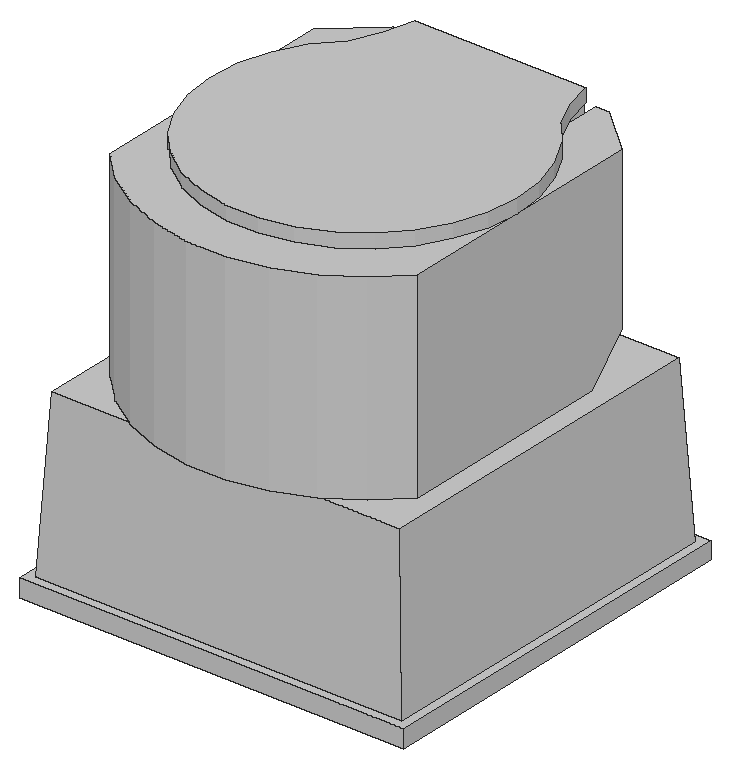
Revit family "LBLE5_SERIE IRON LEGO 05", category Luminarias, Revit 2019
Family settings
  Cota de conector redondo = Diámetro de uso
  Tipo de pieza = Normal
  Se basa en plano de trabajo = Sí
  Siempre vertical = Sí
  Corte con vacíos al cargar = No
  Origen de luz = Sí
  Compartido = No
  Punto de cálculo de habitación = No
Parameters (values of type "IRON LEGO 05_LBLE5 W12W24BCN1F3RG")
  Ángulo de inclinación = 60.00°
  Ángulo de enfoque = 24.00°
  Ángulo de campo de foco = 24.00°
  Zone [instance] = ""
  Watt per fixture = 12
  Wattage = 12 W
  built-in parameter 1150107 = 3000 (stored number, unit not read)
  built-in parameter 1150110 = 1 (stored number, unit not read)
  built-in parameter 1150109 = 1 (stored number, unit not read)
  built-in parameter 1150112 = 1 (stored number, unit not read)
  built-in parameter 1150113 = 1 (stored number, unit not read)
  built-in parameter 1114218 = 1 (stored number, unit not read)
  Keynote = ""
  built-in parameter 1150137 = (empty or 0)
  built-in parameter 1150132 = (empty or 0)
  Modelo = "LBLE5 W12W24BCN1F3RG"
  Lámpara = "Osram"
  Longitud de símbolo de origen de luz = 500 mm
  built-in parameter 1150105 = 11749.7 (stored number, unit not read)
  built-in parameter 1150102 = (empty or 0)
  built-in parameter 1150106 = 117.5 (stored number, unit not read)
  Lumens = 1165.2 lm
  Color Filter = 16777215
  built-in parameter 1114217 = 1 (stored number, unit not read)
  built-in parameter 1150139 = (empty or 0)
  Fabricante = "BRILLANT"
  Default Elevation = 1219.2 mm
  built-in parameter 1150104 = 9.0209 (stored number, unit not read)
  Descripción = "LUMINARIA TIPO CUADRANGULAR CON UN CORTE EXTERNO DE 75X75MM, PARA EMPOTRAR EN TECHO CON INSTALACION ESTANDAR CON 86MM DE LADO POR 85MM DE HOUSING, CUERPO Y ANILLO EN COLOR BLANCO, IP 20 USO PARA INTERIORES, CUENTA CON 1 LED TIPO OSRAM CON UNA POTENCIA TOTAL DE 12W, A UNA TEMPERATURA EN BLANCO CALIDO 3000K, IRC 90, APERTURA A 24 GRADOS, CON LENTE PARA UNA LUZ SUAVE, ALIMENTADA A 100-240V."
  built-in parameter 1150115 = 1 (stored number, unit not read)
  built-in parameter 1150114 = 1 (stored number, unit not read)
  Comentarios de vataje = "100-240V"
  built-in parameter 1150138 = (empty or 0)
  built-in parameter 1150134 = (empty or 0)
  Circuit [instance] = ""
  Dimming Lamp Color Temperature Shift = (empty or 0)
  Ancho = 86 mm
  Altura = 84.869 mm
  built-in parameter 1150133 = 10 (stored number, unit not read)
Reference planes
  plane 1 "Centro (Frontal/Posterior)": y = 0
  plane 2: z = 0
  plane 3 "Centro (Izquierda/Derecha)": x = 0
Forms (mm)
  Extrusion 1, solid, material "Acero Inoxidable"
    sketch origin (0, 0, 0) x (1, 0, 0) y (0, 1, 0)
      loop
        arc (-34.533, -28.497) -> (0, -44.729) -> (34.533, -28.497) r 44.849
        line (34.533, -28.497) -> (34.533, 28.735) -> (24.213, 37.87) -> (-24.213, 37.87) -> (-34.533, 28.735) -> (-34.533, -28.497)
    from 37.015 to 81.821
  Extrusion 2, void
    sketch origin (0, 0, 0) x (1, 0, 0) y (0, 1, 0)
      loop
        line (-21.273, 41.327) -> (-21.273, 16.327) -> (-18.727, 16.327) -> (-18.727, 41.327) -> (-21.273, 41.327)
      loop
        line (-16.273, 41.327) -> (-16.273, 16.327) -> (-13.727, 16.327) -> (-13.727, 41.327) -> (-16.273, 41.327)
      loop
        line (-11.273, 41.327) -> (-11.273, 16.327) -> (-8.727, 16.327) -> (-8.727, 41.327) -> (-11.273, 41.327)
      loop
        line (-6.273, 41.327) -> (-6.273, 16.327) -> (-3.727, 16.327) -> (-3.727, 41.327) -> (-6.273, 41.327)
      loop
        line (-1.273, 41.327) -> (-1.273, 16.327) -> (1.273, 16.327) -> (1.273, 41.327) -> (-1.273, 41.327)
      loop
        line (21.273, 41.327) -> (18.727, 41.327) -> (18.727, 16.327) -> (21.273, 16.327) -> (21.273, 41.327)
      loop
        line (16.273, 41.327) -> (13.727, 41.327) -> (13.727, 16.327) -> (16.273, 16.327) -> (16.273, 41.327)
      loop
        line (11.273, 41.327) -> (8.727, 41.327) -> (8.727, 16.327) -> (11.273, 16.327) -> (11.273, 41.327)
      loop
        line (6.273, 41.327) -> (3.727, 41.327) -> (3.727, 16.327) -> (6.273, 16.327) -> (6.273, 41.327)
    from 59.191 to 84.869
  Extrusion 3, solid, material "Acero Inoxidable"
    sketch origin (0, 0, 0) x (1, 0, 0) y (0, 1, 0)
      loop
        arc (-16.93, 17.939) -> (0, -24.666) -> (16.93, 17.939) r 24.666
        arc (16.93, 17.939) -> (14.891, 22.362) -> (13.696, 27.084) r 26.516
        line (13.696, 27.084) -> (-13.696, 27.084)
        arc (-13.696, 27.084) -> (-14.891, 22.362) -> (-16.93, 17.939) r 26.516
    from 72.467 to 75.294
  Extrusion 4, void
    sketch origin (0, -10.625, -14.805) x (0, 1, 0) y (0, 0, 1)
      loop
        line (67.643, 90.525) -> (31.026, 51.82) -> (67.643, 51.82) -> (67.643, 90.525)
    from -37.804 to 37.804
  Extrusion 5, solid, material "Acero Inoxidable"
    sketch origin (0, 0, 0) x (1, 0, 0) y (0, 1, 0)
      loop
        line (-29.191, 16.014) -> (-29.191, 1.379) -> (29.191, 1.379) -> (29.191, 16.014)
        arc (29.191, 16.014) -> (0, 33.528) -> (-29.191, 16.014) r 33.083
    from 37.015 to 65.724
  Revolve 6, solid, material "Acero Inoxidable", not visible
    sketch origin (0, 0, 0) x (1, 0, 0) y (0, 0, 1)
      loop
        line (-53, 3.693) -> (-53, -3.75) -> (-51.344, -3.75) -> (-36.344, 11.25) -> (0, 11.25) -> (0, 51.82) -> (-49.098, 51.82) -> (-49.098, 3.693) -> (-53, 3.693)
      axis (0, -3.75) -> (0, 51.82)
    angle from 0 to 360
  Extrusion 7, solid, material "Acero Inoxidable", not visible
    sketch origin (0, 0, 0) x (1, 0, 0) y (0, 1, 0)
      loop
        arc (-37.804, -31.327) -> (0, -49.098) -> (37.804, -31.327) r 49.098
        line (37.804, -31.327) -> (37.804, 31.327) -> (26.507, 41.327) -> (-26.507, 41.327) -> (-37.804, 31.327) -> (-37.804, -31.327)
    from 51.82 to 108.492
  Extrusion 8, void, not visible
    sketch origin (0, 0, 0) x (1, 0, 0) y (0, 1, 0)
      loop
        line (-21.273, 41.327) -> (-21.273, 16.327) -> (-18.727, 16.327) -> (-18.727, 41.327) -> (-21.273, 41.327)
      loop
        line (-16.273, 41.327) -> (-16.273, 16.327) -> (-13.727, 16.327) -> (-13.727, 41.327) -> (-16.273, 41.327)
      loop
        line (-11.273, 41.327) -> (-11.273, 16.327) -> (-8.727, 16.327) -> (-8.727, 41.327) -> (-11.273, 41.327)
      loop
        line (-6.273, 41.327) -> (-6.273, 16.327) -> (-3.727, 16.327) -> (-3.727, 41.327) -> (-6.273, 41.327)
      loop
        line (-1.273, 41.327) -> (-1.273, 16.327) -> (1.273, 16.327) -> (1.273, 41.327) -> (-1.273, 41.327)
      loop
        line (21.273, 41.327) -> (18.727, 41.327) -> (18.727, 16.327) -> (21.273, 16.327) -> (21.273, 41.327)
      loop
        line (16.273, 41.327) -> (13.727, 41.327) -> (13.727, 16.327) -> (16.273, 16.327) -> (16.273, 41.327)
      loop
        line (11.273, 41.327) -> (8.727, 41.327) -> (8.727, 16.327) -> (11.273, 16.327) -> (11.273, 41.327)
      loop
        line (6.273, 41.327) -> (3.727, 41.327) -> (3.727, 16.327) -> (6.273, 16.327) -> (6.273, 41.327)
    from 51.82 to 114.316
  Extrusion 9, solid, material "Acero Inoxidable", not visible
    sketch origin (0, 0, 0) x (1, 0, 0) y (0, 1, 0)
      loop
        arc (-27.655, 25.776) -> (0, -37.804) -> (27.655, 25.776) r 37.804
        arc (27.655, 25.776) -> (24.503, 33.265) -> (23.488, 41.327) r 29.844
        line (23.488, 41.327) -> (-23.488, 41.327)
        arc (-23.488, 41.327) -> (-24.503, 33.265) -> (-27.655, 25.776) r 29.844
    from 108.492 to 114.316
  Extrusion 10, void, not visible
    sketch origin (0, 0, 0) x (0, 1, 0) y (0, 0, 1)
      loop
        line (46.026, 75.747) -> (1.026, 51.82) -> (46.026, 51.82) -> (46.026, 75.747)
    from -37.804 to 37.804
  Extrusion 11, solid, material "Acero Inoxidable", not visible
    sketch origin (0, 0, 0) x (1, 0, 0) y (0, 1, 0)
      loop
        line (-32.068, 17.104) -> (-32.068, 1.026) -> (32.068, 1.026) -> (32.068, 17.104)
        arc (32.068, 17.104) -> (0, 36.344) -> (-32.068, 17.104) r 36.344
    from 51.82 to 73.248
  Extrusion 12, solid, material "Acero Inoxidable"
    sketch origin (0, 0, 0) x (1, 0, 0) y (0, 1, 0)
      loop
        line (-43, 43) -> (-43, -43) -> (43, -43) -> (43, 43) -> (-43, 43)
      loop
        line (-41, 41) -> (-41, -41) -> (41, -41) -> (41, 41) -> (-41, 41)
    from -3.973 to 0
  Extrusion 13, solid, material "Acero Inoxidable"
    sketch origin (0, 0, 0) x (1, 0, 0) y (0, 1, 0)
      loop
        arc (-23.702, 25.114) -> (0, -34.533) -> (23.702, 25.114) r 34.533
        arc (23.702, 25.114) -> (20.848, 31.307) -> (19.175, 37.918) r 37.122
        line (19.175, 37.918) -> (-19.175, 37.918)
        arc (-19.175, 37.918) -> (-20.848, 31.307) -> (-23.702, 25.114) r 37.122
    from 81.821 to 84.869
  Blend 14, solid, material "Acero Inoxidable"
    base sketch origin (0, 0, 0) x (1, 0, 0) y (0, 1, 0)
      loop
        line (-41, 41) -> (-41, -41) -> (41, -41) -> (41, 41) -> (-41, 41)
    top sketch origin (0, 0, 0) x (1, 0, 0) y (0, 1, 0)
      loop
        line (-39, 39) -> (-39, -39) -> (39, -39) -> (39, 39) -> (-39, 39)
    from 0 to 37.015
  Blend 15, void
    base sketch origin (0, 0, 0) x (1, 0, 0) y (0, 1, 0)
      loop
        line (-39, 39) -> (-39, -39) -> (39, -39) -> (39, 39) -> (-39, 39)
    top sketch origin (0, 0, 0) x (1, 0, 0) y (0, 1, 0)
      loop
        line (-26.81, 26.416) -> (-26.81, -25.652) -> (26.772, -25.652) -> (26.772, 26.416) -> (-26.81, 26.416)
    from 0 to 31.176
Cuts and joins
  Extrusion 2, Extrusion 4, Blend 15 cuts Extrusion 1
  Blend 15 cuts Extrusion 3
  Blend 15 cuts Extrusion 5
  joined: Extrusion 1, Extrusion 3, Extrusion 5
  Blend 15 cuts Extrusion 13
  Blend 15 cuts Blend 14
Lines and regions (mm)
  model lines, not visible
    curve 1: circle (0, 0, 0) r 85 normal (0, -1, 0)
Dimensions and locks
  Revolve 6 sketch curve to Revolve 6 sketch curve = 53 mm
  cut or joined group of Extrusion 1, Extrusion 2, Extrusion 3, Extrusion 4, Extrusion 5, Blend 15 to level = 75.294 mm
  equal spacing: Extrusion 12 sketch curve, plane 3 "Centro (Izquierda/Derecha)", Extrusion 12 sketch curve
  equal spacing: Extrusion 12 sketch curve, plane 1 "Centro (Frontal/Posterior)", Extrusion 12 sketch curve
  plane 1 "Centro (Frontal/Posterior)" to Extrusion 12 sketch curve = 43 mm
  "Ancho": Extrusion 12 sketch curve to Extrusion 12 sketch curve  (x2)
  Extrusion 12 sketch curve to plane 3 "Centro (Izquierda/Derecha)" = 43 mm
  Extrusion 12 sketch curve to Extrusion 12 sketch curve = 2 mm  (x4)
  equal spacing: Blend 14 sketch curve, plane 1 "Centro (Frontal/Posterior)", Blend 14 sketch curve
  locked: Blend 15 sketch curve to Extrusion 12 at 2  (x3)
  locked: Extrusion 12 to Blend 15 sketch curve at 2
  "Altura": cut or joined group of Extrusion 13, Blend 15 to level
  equal spacing: Blend 14 sketch curve, plane 3 "Centro (Izquierda/Derecha)", Blend 14 sketch curve
  aligned and locked: level to plane 2
  aligned and locked: Blend 14 sketch curve to Extrusion 12  (x4)
  aligned and locked: Blend 15 to level
Automatic sketch dimensions
  Extrusion 2 sketch curve to plane 1 "Centro (Frontal/Posterior)" = 16.327 mm  (x2)
  Extrusion 2 sketch curve to plane 3 "Centro (Izquierda/Derecha)" = 21.273 mm
  Extrusion 2 sketch curve to Extrusion 2 sketch curve = 2.545 mm  (x8)
  Extrusion 2 sketch curve to Extrusion 2 sketch curve = 2.455 mm  (x7)
  Extrusion 2 sketch curve to plane 3 "Centro (Izquierda/Derecha)" = 1.273 mm
  plane 3 "Centro (Izquierda/Derecha)" to Extrusion 2 sketch curve = 1.273 mm
  Extrusion 2 sketch curve to Extrusion 2 sketch curve = 0 mm  (x15)
  Extrusion 2 sketch curve to Extrusion 2 sketch curve = 25 mm
  Extrusion 4 sketch curve to plane 1 "Centro (Frontal/Posterior)" = 20.401 mm
  Extrusion 4 sketch curve to Extrusion 4 sketch curve = 36.618 mm
  level to Extrusion 4 sketch curve = 37.015 mm
  Extrusion 4 sketch curve to Extrusion 4 sketch curve = 38.705 mm
  plane 1 "Centro (Frontal/Posterior)" to Extrusion 3 sketch curve = 0 mm
  Extrusion 3 sketch curve to plane 3 "Centro (Izquierda/Derecha)" = 0 mm
  Extrusion 3 sketch curve to plane 3 "Centro (Izquierda/Derecha)" = 13.696 mm
  Extrusion 3 sketch curve to Extrusion 3 sketch curve = 26.194 mm  (x2)
  plane 3 "Centro (Izquierda/Derecha)" to Extrusion 3 sketch curve = 13.696 mm
  Extrusion 3 sketch curve to plane 1 "Centro (Frontal/Posterior)" = 27.084 mm
  Extrusion 3 sketch curve to Extrusion 3 sketch curve = 4.118 mm  (x2)
  Extrusion 3 sketch curve to Extrusion 3 sketch curve = 3.234 mm
  Blend 15 sketch curve to plane 3 "Centro (Izquierda/Derecha)" = 26.81 mm
  plane 3 "Centro (Izquierda/Derecha)" to Blend 15 sketch curve = 26.772 mm
  plane 1 "Centro (Frontal/Posterior)" to Blend 15 sketch curve = 25.652 mm
  Blend 15 sketch curve to plane 1 "Centro (Frontal/Posterior)" = 26.416 mm
  Blend 14 sketch curve to plane 3 "Centro (Izquierda/Derecha)" = 39 mm
  plane 1 "Centro (Frontal/Posterior)" to Blend 14 sketch curve = 39 mm
  Extrusion 1 sketch curve to plane 3 "Centro (Izquierda/Derecha)" = 0 mm
  Extrusion 1 sketch curve to plane 3 "Centro (Izquierda/Derecha)" = 24.213 mm
  Extrusion 1 sketch curve to plane 3 "Centro (Izquierda/Derecha)" = 34.533 mm
  plane 3 "Centro (Izquierda/Derecha)" to Extrusion 1 sketch curve = 24.213 mm
  Extrusion 1 sketch curve to Extrusion 1 sketch curve = 10.32 mm
  plane 1 "Centro (Frontal/Posterior)" to Extrusion 1 sketch curve = 28.497 mm
  Extrusion 1 sketch curve to plane 1 "Centro (Frontal/Posterior)" = 0.119 mm
  Extrusion 1 sketch curve to plane 1 "Centro (Frontal/Posterior)" = 28.735 mm  (x2)
  Extrusion 1 sketch curve to Extrusion 1 sketch curve = 9.135 mm
  plane 1 "Centro (Frontal/Posterior)" to Extrusion 13 sketch curve = 0 mm
  Extrusion 13 sketch curve to plane 3 "Centro (Izquierda/Derecha)" = 0 mm
  Extrusion 13 sketch curve to plane 3 "Centro (Izquierda/Derecha)" = 19.175 mm
  Extrusion 13 sketch curve to Extrusion 13 sketch curve = 36.671 mm  (x2)
  plane 3 "Centro (Izquierda/Derecha)" to Extrusion 13 sketch curve = 19.175 mm
  Extrusion 13 sketch curve to plane 1 "Centro (Frontal/Posterior)" = 37.918 mm
  Extrusion 13 sketch curve to Extrusion 13 sketch curve = 5.765 mm  (x2)
  Extrusion 13 sketch curve to Extrusion 13 sketch curve = 4.528 mm
  Extrusion 5 sketch curve to plane 3 "Centro (Izquierda/Derecha)" = 0 mm
  Extrusion 5 sketch curve to plane 1 "Centro (Frontal/Posterior)" = 1.379 mm
  Extrusion 5 sketch curve to plane 3 "Centro (Izquierda/Derecha)" = 29.191 mm
  Extrusion 5 sketch curve to plane 1 "Centro (Frontal/Posterior)" = 16.014 mm
  plane 3 "Centro (Izquierda/Derecha)" to Extrusion 5 sketch curve = 29.191 mm
  Extrusion 5 sketch curve to plane 1 "Centro (Frontal/Posterior)" = 0.445 mm
Connectors
  electrical at (0, 31.516, 84.869)
    settings: on cut or joined group of Extrusion 13, Blend 15, index 1, voltage 240 V, apparent load 0 VA, apparent load phase1 0 VA, apparent load phase2 0 VA, apparent load phase3 0 VA, power factor 1, load classification "Otro", number of poles 1, system type 31, power factor state 1, is connector primary yes, connector utility no, sub classification motor no, connector description ""
